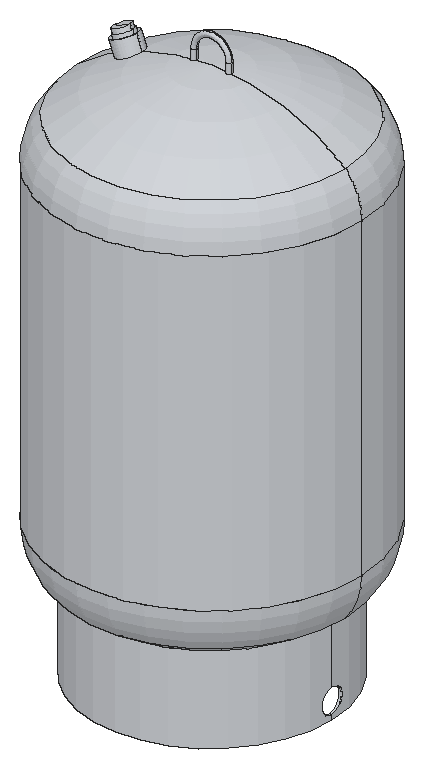
Revit family
Parameters (values of type "WX-407 150# W.P. 10 BAR")
  Weight = "431"
  Tank Volume = "132 Gallons"
  Tank Only = 49.125"
  Tank Height/Length = 54.313"
  Tank Diameter = "30"
  Pipe Connector Diameter = Pipe Connection Radius * 2  # 1.250"
  Pipe Connection Radius = 0.625"
  Model = "WX-407"
  Maximum Acceptance Volume = "45 Gallons"
  Max Operating Temp = "200 Def F"
  Max Operating Pressure = "150 PSI"
  Manufacturer = "Amtrol"
  Lifting Ring Location = Tank Only / 2  # 24.5625"
  Floor to Elbow Centerline = 1.750"
  Floor to Bottom of Tank = 5.188"
  Bladder/Diaphragm = "Diaphragm"
  ASME = no
Reference planes (in)
  plane 1 "Center (Front/Back)": y = 0
  plane 2: z = 0
  plane 3 "Center (Left/Right)": x = 0
Forms (in)
  Revolve 1, solid
    sketch origin (0, 0, 0) x (1, 0, 0) y (0, 0, 1)
      loop
        line (0, 54.313) -> (0, 5.188)
        arc (0, 5.188) -> (7.04198, 6.33594) -> (13.36034, 9.65039) r 22.28705
        arc (13.36034, 9.65039) -> (14.54245, 11.65961) -> (14.95353, 13.95425) r 6.60982
        line (14.95353, 13.95425) -> (14.95353, 45.59578)
        arc (14.95353, 45.59578) -> (14.54231, 47.804) -> (13.36377, 49.71617) r 6.13455
        arc (13.36377, 49.71617) -> (7.04725, 53.07677) -> (0, 54.313) r 22.787
      axis (0, 54.313) -> (0, 5.188)
    angle from 0 to 360
  Revolve 2, solid
    sketch origin (0, 0, 0) x (1, 0, 0) y (0, 0, 1)
      loop
        line (-8.97132, 54.74029) -> (-8.06922, 52.50752) -> (-6.88626, 52.98546) -> (-7.49136, 54.48314) -> (-7.757, 54.37581) -> (-7.88348, 54.68887) -> (-7.99307, 54.64459) -> (-8.16359, 55.06663) -> (-8.97132, 54.74029)
      axis (-8.06922, 52.50752) -> (-8.97132, 54.74029)
    angle from 0 to 360
  Revolve 3, solid
    sketch origin (0, 0, 0) x (1, 0, 0) y (0, 0, 1)
      loop
        line (0.79596, 5.61957) -> (0, 5.61957) -> (0, 3.52287) -> (0.79596, 3.52287) -> (0.79596, 5.61957)
      axis (0, 3.52287) -> (0, 5.61957)
    angle from 0 to 360
  Sweep 4, solid
    path origin (0, 0, 0) x (1, 0, 0) y (0, 0, 1)
      loop
        line (0, 3.51652) -> (0, 3.1545)
        arc (0, 3.1545) -> (0.41137, 2.16137) -> (1.4045, 1.75) r 1.4045
        line (1.4045, 1.75) -> (1.9045, 1.75)
    profile origin (0, 0, 3.33551) x (0, -1, 0) y (1, 0, 0)
      loop
        circle (0, 0) r 0.8375
  Revolve 5, solid
    sketch origin (0, 0, 0) x (1, 0, 0) y (0, 0, 1)
      loop
        line (11.99523, 0) -> (11.99523, 8.75) -> (11.74523, 8.75) -> (11.74523, 0) -> (11.99523, 0)
      axis (0, 0) -> (0, 8.75)
    angle from 0 to 360
  Sweep 6, void
    path origin (0, 0, 0) x (1, 0, 0) y (0, 0, 1)
      loop
        line (12.875, 1.75) -> (7.875, 1.75)
    profile origin (10.375, 0, 1.75) x (0, 0, -1) y (0, -1, 0)
      loop
        circle (0, 0) r 1.25
  Sweep 7, solid
    path origin (-0.30134, 0, 0) x (1, 0, 0) y (0, 0, 1)
      loop
        line (-14.61391, 31.49192) -> (-15.61391, 31.49192)
        arc (-15.61391, 31.49192) -> (-17.36391, 29.74192) -> (-15.61391, 27.99192) r 1.75
        line (-15.61391, 27.99192) -> (-14.61391, 27.99192)
    profile origin (-15.41525, 0, 31.49192) x (0, 0, -1) y (0, -1, 0)
      loop
        circle (0, 0) r 0.25
  Sweep 8, solid
    path origin (0, 0, 0) x (1, 0, 0) y (0, 0, 1)
      loop
        line (-1.75, 54.23056) -> (-1.75, 55.23056)
        arc (-1.75, 55.23056) -> (0, 56.98056) -> (1.75, 55.23056) r 1.75
        line (1.75, 55.23056) -> (1.75, 54.23056)
    profile origin (-1.75, 0, 54.73056) x (-1, 0, 0) y (0, -1, 0)
      loop
        circle (0, 0) r 0.25
Cuts and joins
  Sweep 6 cuts Revolve 5
Lines and regions (in)
  reference lines
    curve 1: line (0, 0, 5.17942) -> (1.5, 0, 5.17942)
Dimensions and locks (in)
  "Tank Only": Revolve 1 sketch curve to Revolve 1 sketch curve
  "Floor to Elbow Centerline": Revolve 5 to Sweep 6 sketch curve
  Revolve 1 sketch curve to Revolve 1 sketch curve = 16.79931"
  Revolve 2 sketch curve to Revolve 2 sketch curve = 2.40813"
  Revolve 2 sketch curve to Revolve 2 sketch curve = 1.61529"
  Revolve 2 sketch curve to Revolve 2 sketch curve = 1.97384"
  Revolve 2 sketch curve to Revolve 2 sketch curve = 2.4419"
  Revolve 2 sketch curve to Revolve 1 = 2.79134"
  Revolve 2 sketch curve to Revolve 1 = 3.26929"
  "Tank Height/Length": Revolve 1 sketch curve to level
  "Floor to Elbow Centerline": Sweep 4 sketch curve to cut or joined group of Revolve 5, Sweep 6
  "Lifting Ring Location": Sweep 7 sketch curve to curve 1
  locked: Sweep 8 sketch curve to Sweep 8 sketch curve at 3.5
  locked: plane 3 "Center (Left/Right)" to Sweep 8 sketch curve at 1.75
Automatic sketch dimensions
  Revolve 2 sketch curve to plane 3 "Center (Left/Right)" = 9.09939"
  Revolve 2 sketch curve to Revolve 2 sketch curve = 0.12807"
  Revolve 2 sketch curve to Revolve 2 sketch curve = 0.000"  (x2)
  Revolve 2 sketch curve to Revolve 2 sketch curve = 0.10959"
  Revolve 2 sketch curve to Revolve 2 sketch curve = 0.12648"
  Revolve 2 sketch curve to Revolve 2 sketch curve = 0.31698"
  Revolve 3 sketch curve to plane 3 "Center (Left/Right)" = 0.000"  (x2)
  plane 3 "Center (Left/Right)" to Revolve 3 sketch curve = 0.79596"
  level to Revolve 3 sketch curve = 3.52287"
  Revolve 3 sketch curve to Revolve 3 sketch curve = 0.000"
  Revolve 3 sketch curve to Revolve 3 sketch curve = 2.0967"
  Revolve 3 sketch curve to Revolve 3 sketch curve = 0.2291"
  Sweep 4 sketch curve to plane 3 "Center (Left/Right)" = 0.000"
  plane 3 "Center (Left/Right)" to Sweep 4 sketch curve = 1.4045"
  Sweep 4 sketch curve to Sweep 4 sketch curve = 0.500"
  Sweep 4 sketch curve to Sweep 4 sketch curve = 0.36201"
  plane 1 "Center (Front/Back)" to Sweep 4 sketch curve = 0.000"
  Sweep 4 sketch curve to profile plane = 0.000"
  Revolve 5 sketch curve to plane 3 "Center (Left/Right)" = 0.000"
  Revolve 5 sketch curve to level = 0.000"
  plane 3 "Center (Left/Right)" to Revolve 5 sketch curve = 11.74523"
  Revolve 5 sketch curve to Revolve 5 sketch curve = 0.250"
  Revolve 5 sketch curve to level = 0.73742"
  level to Revolve 5 sketch curve = 8.750"
  level to Revolve 5 sketch curve = 9.0291"
  plane 3 "Center (Left/Right)" to Sweep 6 sketch curve = 7.875"
  Sweep 6 sketch curve to Sweep 6 sketch curve = 5.000"
  Sweep 6 sketch curve to plane 1 "Center (Front/Back)" = 0.000"
  Sweep 6 sketch curve to profile plane = 0.000"
  Revolve 1 sketch curve to level = 0.000"
  Revolve 1 sketch curve to plane 3 "Center (Left/Right)" = 0.000"  (x2)
  Revolve 1 sketch curve to plane 3 "Center (Left/Right)" = 0.01855"
  Revolve 1 sketch curve to plane 3 "Center (Left/Right)" = 0.36472"
  plane 3 "Center (Left/Right)" to Revolve 1 sketch curve = 8.34371"
  plane 3 "Center (Left/Right)" to Revolve 1 sketch curve = 8.81898"
  Revolve 1 sketch curve to Revolve 1 sketch curve = 5.01663"
  Revolve 1 sketch curve to Revolve 1 sketch curve = 4.54479"
  Revolve 1 sketch curve to Revolve 1 sketch curve = 1.58976"
  Revolve 1 sketch curve to Revolve 1 sketch curve = 4.05388"
  Revolve 1 sketch curve to Revolve 1 sketch curve = 9.67414"
  curve 1 to plane 3 "Center (Left/Right)" = 0.000"
  plane 3 "Center (Left/Right)" to curve 1 = 1.500"
  level to curve 1 = 5.17942"
  Sweep 7 sketch curve to plane 3 "Center (Left/Right)" = 15.91525"
  Sweep 7 sketch curve to Sweep 7 sketch curve = 1.000"  (x2)
  Sweep 7 sketch curve to Sweep 7 sketch curve = 1.750"
  Sweep 7 sketch curve to plane 1 "Center (Front/Back)" = 0.000"
  Sweep 7 sketch curve to profile plane = 0.000"
  level to Sweep 8 sketch curve = 54.23056"
  Sweep 8 sketch curve to Sweep 8 sketch curve = 0.000"  (x2)
  Sweep 8 sketch curve to Sweep 8 sketch curve = 1.000"
  plane 1 "Center (Front/Back)" to Sweep 8 sketch curve = 0.000"
  Sweep 8 sketch curve to profile plane = 0.000"
  radius of Sweep 4 sketch curve = 0.8375"
  radius of Sweep 6 sketch curve = 1.250"
  radius of Sweep 7 sketch curve = 0.250"
  radius of Sweep 8 sketch curve = 0.250"
Connectors (in)
  piping at (1.9045, 0, 1.75), driven by "Pipe Connection Radius"
    settings: on Sweep 4, index 1
